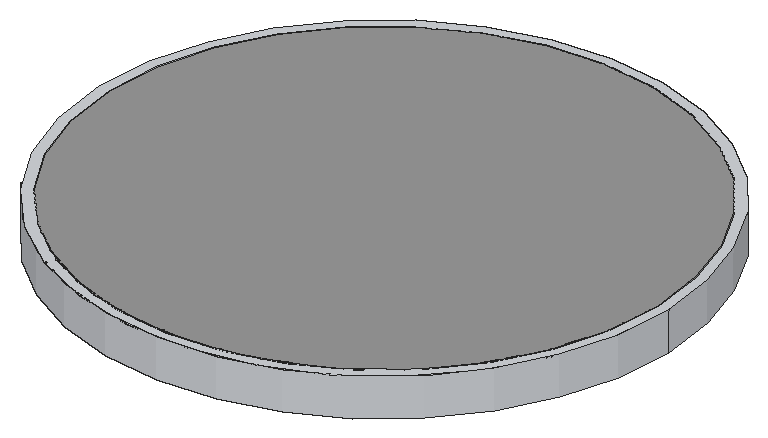
Revit family "2071248", category Lighting Fixtures, host Face, Revit 2018
Family settings
  Host = Face
  Round Connector Dimension = Use Diameter
  Part Type = Normal
  OmniClass Number = 23.80.70.00
  OmniClass Title = Lighting
  Cut with Voids When Loaded = No
  Light Source = Yes
  Shared = No
  Room Calculation Point = No
Parameters (values of type "2071248 COLOSSAL 900 840 PR DIR WHT SSC")
  iner diameter = 856 mm
  Weight = "n/a"
  Wattage Comments = ""
  Wattage = 30 W
  WarrantyStartDate [instance] = "n/a"
  WarrantyGuarantorParts = "n/a"
  WarrantyDurationUnit = "n/a"
  WarrantyDurationParts = ""
  WarrantyDescription = "http://www.sylvania-lighting.com"
  built-in parameter 1150110 = 1 (stored number, unit not read)
  Voltage = 230 V
  URL = "0.99"
  TypeName = "COLOSSAL 900mm 840 PRISM DIR WHITE SSC"
  Type Image = <None>
  Type Comments = "n/a"
  built-in parameter 1114217 = 1 (stored number, unit not read)
  Tilt Angle = -90.00°
  built-in parameter 1150109 = 1 (stored number, unit not read)
  built-in parameter 1150134 = (empty or 0)
  built-in parameter 1150113 = 1 (stored number, unit not read)
  SerialNumber [instance] = "n/a"
  Photometric Web File = "2071248.ies"
  Material_3_SYL = LED-Sylvania
  PowerFactor = 0
  PowerConsumption = "Lighting"
  NominalLength = 888 mm
  NominalHeight = 93 mm
  NominalDepth = 888 mm
  Name = "COLOSSAL 900mm 840 PRISM DIR WHITE SSC"
  ModelReference = Name  # "COLOSSAL 900mm 840 PRISM DIR WHITE SSC"
  ModelNumber = "2071248"
  Model = Name  # "COLOSSAL 900mm 840 PRISM DIR WHITE SSC"
  Material = "Feilo Sylvania"
  ManufacturerName = "139 lm/W"
  Manufacturer = ""
  LuminousEfficacy = ""
  built-in parameter 1150105 = 270.44 (stored number, unit not read)
  Lumens = 3398.4 lm
  LuminaireType = "0"
  built-in parameter 1150115 = 1 (stored number, unit not read)
  LightOutputRatio = "LED"
  built-in parameter 1150137 = (empty or 0)
  built-in parameter 1150139 = (empty or 0)
  LampsType = Lamp  # "n/a"
  LampNominalLuminous = "4000 K"
  LampMacAdamStep = "80"
  LampColourTemperature = "LED"
  LampColourRenderingIndex = "16500"
  built-in parameter 1150112 = 1 (stored number, unit not read)
  built-in parameter 1150114 = 1 (stored number, unit not read)
  Lamp = "n/a"
  Keynote = "n/a"
  InstallationDate [instance] = "n/a"
  InputVoltage = "0"
  InputNominalFrequency = "4000"
  built-in parameter 1150132 = (empty or 0)
  built-in parameter 1150102 = (empty or 0)
  built-in parameter 1150107 = 3000 (stored number, unit not read)
  built-in parameter 1150138 = (empty or 0)
  IngressProtection = "IfcLightFixtureType"
  ImpactProtectionIndex = "IfcLightFixtureType"
  built-in parameter 1150106 = 2.7044 (stored number, unit not read)
  IfcExportType = "IfcLightFixtureType"
  IfcExportAs = "Class I"
  Emit from Circle Diameter = 385 mm
  Emit Shape Visible in Rendering = no
  ElectricShockClassification = "139"
  built-in parameter 1150104 = 10.524 (stored number, unit not read)
  DocumentationLiterature = "http://www.sylvania-lighting.com/product/en-int/products/2071248"
  DimmingControlOptions = "n/a"
  Material_2_SYL = Polycarbonate_Sylvania_White
  Dimming Lamp Color Temperature Shift = <None>
  Description = "900mm diameter circular architectural luminaire, can be surface mounted or suspended. Powder coated aluminium housing (RAL9016) with PMMA prismatic diffuser. Direct light distribution, 817lm luminuous flux, 58.7W system power, 139lm/W luminiaire efficacy. Sylsmart Standalone enabled. Colour rendering index Ra >80, 4000K Neutral White LED, chromaticity tolerance of 3-step MacAdam ellipse. IP40/IP20, IK03. 350mA drive current. UGR≤19. Electrical protection Class1, 220-240V. Reported lifetime 66k hours L90B10."
  Default Elevation = 1219.2 mm
  CreatedOn = "23/03/2022"
  CreatedBy = "@sylvania-lighting.com"
  Cost = 0
  Color Filter = 16777215
  built-in parameter 1114216 [instance] = (empty or 0)
  ClassificationValue = "EF_70_80"
  ClassificationName = "Uniclass2015"
  Material_1_SYL = Polycarbonate_Sylvania_Opal
  BarCode [instance] = "n/a"
  built-in parameter 1114218 = 1 (stored number, unit not read)
  built-in parameter 1150133 = 10 (stored number, unit not read)
  AssetType = "Fixed"
  AssetIdentifier [instance] = "n/a"
  Assembly Code = "D5020200"
  Apparent Load = 58.7 VA
  Material_4_SYL = none
Reference planes
  plane 1 "Center (Front/Back)": y = 0
  plane 2: z = 0
  plane 3 "Center (Left/Right)": x = 0
  plane 4: z = 1.161
  plane 5: z = 16.161
  plane 6: x = -444
  plane 7: x = 444
  plane 8: y = 444
  plane 9: y = -444
  plane 10: y = 236
  plane 11: y = -236
  plane 12: x = 85
  plane 13: x = -85
  plane 14: through (0, 0, 1219.2) normal (0.5, 0.866, 0)
  plane 15: through (42.5, 73.612, 1219.2) normal (0.5, 0.866, 0)
  plane 16: through (-42.5, -73.612, 1219.2) normal (0.5, 0.866, 0)
  plane 17: through (0, 0, 1219.2) normal (0.5, -0.866, 0)
  plane 18: through (-42.5, 73.612, 1219.2) normal (0.5, -0.866, 0)
  plane 19: through (42.5, -73.612, 1219.2) normal (0.5, -0.866, 0)
  plane 20: z = 93
  plane 21: y = 428
  plane 22: y = -428
Forms (mm)
  Extrusion 1, solid, detail levels medium+fine
    sketch origin (0, 0, 0) x (0.866025, -0.5, 0) y (0.5, 0.866025, 0)
      loop
        circle (-50, 86.603) r 22
    from 0 to 2
  Extrusion 2, solid, detail levels medium+fine
    sketch origin (0, 0, 0) x (0.866025, -0.5, 0) y (0.5, 0.866025, 0)
      loop
        circle (100, 0) r 22
      loop
        circle (-50, -86.603) r 22
    from 0 to 2
  Blend 3, solid, detail levels medium+fine
    base sketch origin (0, 0, 0) x (1, 0, 0) y (0, 1, 0)
      loop
        line (-85, 236) -> (-246.882, -44.388) -> (-161.882, -191.612) -> (161.882, -191.612) -> (246.882, -44.388) -> (85, 236) -> (-85, 236)
    top sketch origin (0, 0, 0) x (1, 0, 0) y (0, 1, 0)
      loop
        line (-85, 283.076) -> (-287.651, -67.926) -> (-207.792, -218.119) -> (207.792, -218.119) -> (292.5, -71.401) -> (85, 283.076) -> (-85, 283.076)
    from 0 to 33.022
  Extrusion 4, solid, detail levels medium+fine
    sketch origin (0, 0, 0) x (1, 0, 0) y (0, 1, 0)
      loop
        circle (0, 0) r 444
    from 33.022 to 93
  Extrusion 5, void
    sketch origin (0, 0, 0) x (1, 0, 0) y (0, 1, 0)
      loop
        circle (0, 0) r 428
    from 96.588 to 37.292
  Extrusion 6, solid, material "Glass, White, High Luminance", detail levels fine
    sketch origin (0, 0, 0) x (1, 0, 0) y (0, 1, 0)
      loop
        circle (0, 0) r 428
    from 87.991 to 93
  Extrusion 7, solid, detail levels coarse
    sketch origin (0, 0, 0) x (1, 0, 0) y (0, 1, 0)
      loop
        line (-444, 444) -> (-444, -444) -> (444, -444) -> (444, 444) -> (-444, 444)
    from 0 to 93.648
Cuts and joins
  Extrusion 5 cuts Extrusion 1
  Extrusion 5 cuts Extrusion 2
  Extrusion 5 cuts Blend 3
  Extrusion 5 cuts Extrusion 4
Lines and regions (mm)
  model lines, detail levels medium+fine
    curve 1: circle (0, 0, 0) r 100 normal (0, 0, 1)
Dimensions and locks
  "NominalDepth": plane 8 to plane 9
  plane 8 to plane 1 "Center (Front/Back)" to plane 9 = 444 mm, 444 mm
  "NominalLength": plane 6 to plane 7
  equal spacing: plane 6, plane 3 "Center (Left/Right)", plane 7
  "NominalHeight": level to plane 20
  "iner diameter": plane 21 to plane 22
  equal spacing: plane 21, plane 1 "Center (Front/Back)", plane 22
  aligned and locked: plane 2 to host face
  aligned and locked: level to host face
Automatic sketch dimensions
  host sketch curve to host sketch curve = 2438.4 mm  (x2)
  Extrusion 1 sketch curve to plane 3 "Center (Left/Right)" = 0 mm
  Extrusion 1 sketch curve to plane 1 "Center (Front/Back)" = 100 mm
  plane 1 "Center (Front/Back)" to Extrusion 2 sketch curve = 50 mm
  Extrusion 2 sketch curve to plane 3 "Center (Left/Right)" = 86.603 mm
  Extrusion 2 sketch curve to Extrusion 2 sketch curve = 150 mm
  Extrusion 2 sketch curve to Extrusion 2 sketch curve = 86.603 mm
  plane 1 "Center (Front/Back)" to curve 1 = 0 mm
  curve 1 to plane 3 "Center (Left/Right)" = 0 mm
  plane 18 to Blend 3 sketch curve = 0 mm  (x2)
  plane 19 to Blend 3 sketch curve = 0 mm  (x2)
  Blend 3 sketch curve to plane 10 = 0 mm
  Blend 3 sketch curve to plane 13 = 0 mm  (x2)
  Blend 3 sketch curve to plane 12 = 0 mm  (x2)
  Blend 3 sketch curve to plane 16 = 0 mm  (x2)
  Blend 3 sketch curve to plane 15 = 0 mm
  plane 11 to Blend 3 sketch curve = 44.388 mm
  plane 1 "Center (Front/Back)" to Blend 3 sketch curve = 44.388 mm  (x2)
  plane 11 to Blend 3 sketch curve = 17.881 mm
  plane 1 "Center (Front/Back)" to Blend 3 sketch curve = 67.926 mm
  plane 1 "Center (Front/Back)" to Blend 3 sketch curve = 71.401 mm
  Blend 3 sketch curve to plane 7 = 151.5 mm
  plane 10 to Blend 3 sketch curve = 47.076 mm
  plane 1 "Center (Front/Back)" to Extrusion 4 sketch curve = 0 mm
  Extrusion 4 sketch curve to plane 3 "Center (Left/Right)" = 0 mm
  plane 1 "Center (Front/Back)" to Extrusion 5 sketch curve = 0 mm
  Extrusion 5 sketch curve to plane 3 "Center (Left/Right)" = 0 mm
  plane 1 "Center (Front/Back)" to Extrusion 6 sketch curve = 0 mm
  Extrusion 6 sketch curve to plane 3 "Center (Left/Right)" = 0 mm
  Extrusion 7 sketch curve to plane 6 = 0 mm
  Extrusion 7 sketch curve to plane 7 = 0 mm
  Extrusion 7 sketch curve to plane 9 = 0 mm
  Extrusion 7 sketch curve to plane 8 = 0 mm
  radius of Extrusion 1 sketch curve = 22 mm
  radius of Extrusion 2 sketch curve = 22 mm  (x2)
  radius of curve 1 = 100 mm
  radius of Extrusion 4 sketch curve = 444 mm
  radius of Extrusion 5 sketch curve = 428 mm
  radius of Extrusion 6 sketch curve = 428 mm
Connectors
  electrical at (0, 0, 0), driven by "Apparent Load", driven by "PowerFactor", driven by "Voltage"
    settings: index 1, voltage 230 V, apparent load 58.7 VA, apparent load phase1 0 VA, apparent load phase2 0 VA, apparent load phase3 0 VA, power factor 0, load classification "Lighting", number of poles 1, system type 30, power factor state 1, is connector primary yes, connector utility no, sub classification motor no, connector description ""
